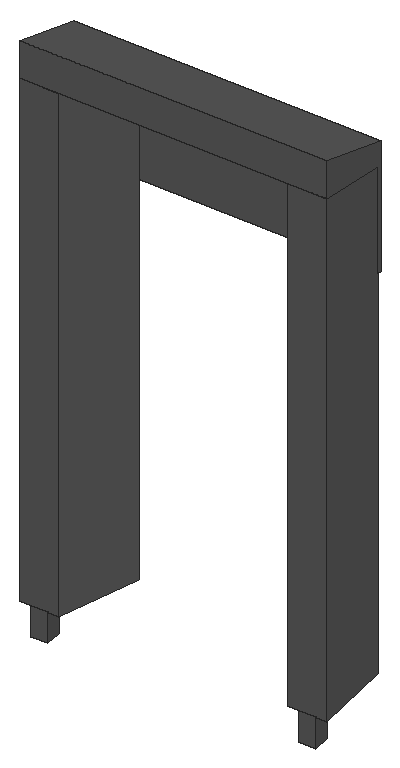
Revit family "Dock-Seal_Perma-Tech_FIREguard-F-Curtain", category Generic Models, host Wall, Revit 2026
Family settings
  Host = Wall
  Can host rebar = No
  Round Connector Dimension = Use Diameter
  Part Type = Normal
  Always vertical = Yes
  Cut with Voids When Loaded = Yes
  Maintain Annotation Orientation = No
  Shared = No
  Room Calculation Point = No
Parameters (values of type "FIREguard F-Curtain")
  Width At Rear = 7"
  Unit Width = 55"
  Unit Height = 90"
  URL = "https://www.permatechinc.com/"
  Type Comments = ""
  Proj. At Top = 12"
  Specification = "https://www.permatechinc.com/catalog/p-100012/fireguard-dock-seal"
  Product Info = "https://www.arcat.com/arcatcos/cos51/arc51419.html"
  Outside Proj. = 11 1/2"
  Opening Width = Unit Width - 3.93701"  # 51.06299"
  Product Page URL = "https://www.permatechinc.com/catalog"
  Product Documentation Link = "https://www.permatechinc.com/documents/dock-seals/FIREGUARD-F-CURTAIN-SPEC-SHT.pdf"
  Opening Height = Unit Height - 6"  # 84"
  Model = "Perma FIREguard Dock Seal"
  Manufacturer = " Perma Tech Inc."  # constant formula
  Keynote = ""
  Description = ""
  Default Elevation = 0"
  Curtain Length = 67"
  Curtain Drop = 23"
  Width At Face = 12"
  Cover = Cover Black
  Cost = 0
  Copyright = "2021 Perma Tech Inc."  # constant formula
  Proj. At Bottom = Proj. At Top  # 12"
  Assembly Code = ""
  Arcat Spec = "https://www.arcat.com/company/perma-tech--inc-51419/spec"
Reference planes (in)
  plane 1: y = 0
  plane 2 "Center (Left/Right)": x = -0.32239
  plane 3 "Right": x = 25.20911
  plane 4 "Left": x = -25.85388
  plane 5 "Top": z = 90
  plane 6: x = 27.17761
  plane 7: x = -27.82239
  plane 8: x = 15.17761
  plane 9: x = -15.82239
  plane 10: z = 84
  plane 11: z = 0
  plane 12: z = -5
  plane 13 "2": z = 88
  plane 14: y = 14.45276
  plane 15: y = 14.95276
  plane 16: z = 67
  plane 17: x = 20.17761
  plane 18: x = -20.82239
  plane 19: y = 14.45276
  plane 20 "3": x = 22.20911
  plane 21 "4": x = -22.85388
  plane 22: y = 5.95276
  plane 23: z = 2.75
Forms (in)
  Extrusion 1, solid, material "Cover Black" <- "Cover"
    sketch origin (15.17761, 11.95276, 19.68504) x (1, 0, 0) y (0, 0, -1)
      loop
        line (12, -47.31496) -> (-43, -47.31496) -> (-43, -68.31496) -> (12, -68.31496) -> (12, -47.31496)
    from 2.5 to 3
  Extrusion 2, solid, material "Cover Black" <- "Cover"
    sketch origin (46.20421, 9, 0) x (1, 0, 0) y (0, 1, 0)
      loop
        line (-19.02659, 5.45276) -> (-31.02659, 5.45276) -> (-26.02659, -6.04724) -> (-19.02659, -6.04724) -> (-19.02659, 5.45276)
    from 0 to 84
  Extrusion 3, solid, material "Cover Black" <- "Cover"
    sketch origin (46.20421, 9, 0) x (1, 0, 0) y (0, 1, 0)
      loop
        line (-74.02659, 5.45276) -> (-74.02659, -6.04724) -> (-67.02659, -6.04724) -> (-62.02659, 5.45276) -> (-74.02659, 5.45276)
    from 0 to 84
  Extrusion 4, solid, material "Cover Black" <- "Cover"
    sketch origin (25.20911, 0, 0) x (0, 1, 0) y (0, 0, 1)
      loop
        line (2.95276, 84) -> (14.45276, 84) -> (14.45276, 88) -> (14.95276, 88) -> (2.95276, 90) -> (2.95276, 84)
    from -53.0315 to 1.9685
  Blend 5, solid, material "Cover Black" <- "Cover"
    base sketch origin (-60, 2.95276, 0) x (-1, 0, 0) y (0, 0, 1)
      loop
        line (-85.20911, 0) -> (-85.20911, -5) -> (-82.20911, -5) -> (-82.20911, 0) -> (-85.20911, 0)
    top sketch origin (-60, 2.95276, 0) x (-1, 0, 0) y (0, 0, 1)
      loop
        line (-84.70911, 0) -> (-84.70911, -5) -> (-82.70911, -5) -> (-82.70911, 0) -> (-84.70911, 0)
    from 0 to 3
  Blend 6, solid, material "Cover Black" <- "Cover"
    base sketch origin (-60, 2.95276, 0) x (-1, 0, 0) y (0, 0, 1)
      loop
        line (-37.14612, -5) -> (-34.14612, -5) -> (-34.14612, 0) -> (-37.14612, 0) -> (-37.14612, -5)
    top sketch origin (-60, 2.95276, 0) x (-1, 0, 0) y (0, 0, 1)
      loop
        line (-36.64612, 0) -> (-36.64612, -5) -> (-34.64612, -5) -> (-34.64612, 0) -> (-36.64612, 0)
    from 0 to 3
  Extrusion 7, void
    sketch origin (25.20911, 0, 0) x (0, -1, 0) y (0, 0, 1)
      loop
        line (-14.95276, 2.75) -> (-14.95276, 0) -> (-2.95276, 0) -> (-14.95276, 2.75)
    from -1.9685 to 53.0315
Cuts and joins
  joined: Extrusion 1, Extrusion 4
  Extrusion 7 cuts Extrusion 2
  Extrusion 7 cuts Blend 5
  Extrusion 7 cuts Extrusion 3
Lines and regions (in)
  Opening 1
    outline origin (-60, -2.95276, 0) x (1, 0, 0) y (0, 0, 1)
      loop
        line (85.20911, 84) -> (34.14612, 84) -> (34.14612, 0) -> (85.20911, 0) -> (85.20911, 84)
Text (in)
  text "Placement Side" at (0, 40.15149, 123.01588), in view "Right"
Dimensions and locks (in)
  equal spacing: plane 4 "Left", plane 2 "Center (Left/Right)", plane 3 "Right"
  "Opening Width": plane 4 "Left" to plane 3 "Right"
  "Unit Width": plane 7 to plane 6
  equal spacing: plane 7, plane 2 "Center (Left/Right)", plane 6
  "Unit Height": plane 11 to plane 5 "Top"
  locked: plane 12 to plane 11 at 5
  locked: plane 13 "2" to plane 5 "Top" at 2
  "Width At Face": plane 8 to plane 6
  "Width At Face": plane 7 to plane 9
  "Proj. At Top": plane 15 to host wall
  locked: nested 2 to plane 5 "Top" at 8
  "Opening Height": plane 11 to plane 10
  "Width At Rear": plane 17 to plane 6
  "Width At Rear": plane 7 to plane 18
  locked: plane 19 to plane 15 at 0.5
  "Outside Proj.": host wall to plane 14
  locked: plane 3 "Right" to plane 20 "3" at 3
  locked: plane 21 "4" to plane 4 "Left" at 3
  locked: plane 22 to host wall at 3
  "Curtain Length": plane 11 to plane 16
  locked: plane 23 to plane 11 at 2.75
  aligned and locked: plane 3 "Right" to Opening 1 sketch curve
  aligned and locked: Opening 1 sketch curve to plane 4 "Left"
  aligned and locked: plane 2 "Center (Left/Right)" to nested 1
  aligned and locked: host wall to nested 1
  aligned and locked: nested 1 to host wall
  aligned and locked: Opening 1 sketch curve to plane 11
  aligned and locked: plane 10 to Opening 1 sketch curve
  aligned and locked: Extrusion 1 sketch curve to plane 16
  aligned and locked: Extrusion 1 sketch curve to plane 7
  aligned and locked: Extrusion 1 sketch curve to plane 6
  aligned and locked: plane 6 to Extrusion 2 sketch curve
  aligned and locked: host wall to Extrusion 2 sketch curve
  aligned and locked: plane 14 to Extrusion 2 sketch curve  (x2)
  aligned and locked: Extrusion 2 to level
  aligned and locked: Extrusion 3 sketch curve to plane 7
  aligned and locked: host wall to Extrusion 3 sketch curve  (x2)
  aligned and locked: plane 18 to Extrusion 3 sketch curve
  aligned and locked: plane 7 to Extrusion 3 sketch curve
  aligned and locked: Extrusion 3 to Extrusion 4
  aligned and locked: Extrusion 2 to Extrusion 4
  aligned and locked: Blend 5 sketch curve to plane 11  (x2)
  aligned and locked: Blend 5 sketch curve to plane 3 "Right"
  aligned and locked: Blend 5 sketch curve to plane 20 "3"
  aligned and locked: Blend 5 sketch curve to plane 12  (x2)
  aligned and locked: Blend 5 to plane 22
  aligned and locked: Blend 6 sketch curve to plane 21 "4"
  aligned and locked: Blend 6 sketch curve to plane 4 "Left"
  aligned and locked: Blend 6 sketch curve to plane 12  (x2)
  aligned and locked: Blend 6 sketch curve to plane 11  (x2)
  aligned and locked: Blend 5 to host wall
  aligned and locked: plane 22 to Blend 5
  aligned and locked: Blend 6 to host wall
  aligned and locked: Blend 6 to plane 22
  aligned and locked: plane 10 to Extrusion 3
  aligned and locked: plane 10 to Extrusion 2
  aligned and locked: Extrusion 7 sketch curve to plane 15
  aligned and locked: plane 11 to Extrusion 7 sketch curve  (x2)
  aligned and locked: plane 15 to Extrusion 7 sketch curve
  aligned and locked: plane 23 to Extrusion 7 sketch curve
  aligned and locked: Extrusion 3 to Extrusion 7 sketch curve
  aligned and locked: plane 6 to Extrusion 7
  aligned and locked: Extrusion 7 to plane 7
  aligned and locked: plane 8 to Extrusion 2 sketch curve
  aligned and locked: plane 14 to Extrusion 3 sketch curve  (x2)
  aligned and locked: plane 9 to Extrusion 3 sketch curve
  aligned and locked: Extrusion 1 sketch curve to plane 13 "2"
  aligned and locked: plane 13 "2" to Extrusion 4 sketch curve  (x2)
  aligned and locked: host wall to Extrusion 4 sketch curve
  aligned and locked: plane 10 to Extrusion 4 sketch curve  (x2)
  aligned and locked: nested 2 to plane 2 "Center (Left/Right)"
  aligned and locked: cut or joined group of Extrusion 1, Extrusion 4 to plane 15
  aligned and locked: plane 15 to nested 2
  aligned and locked: plane 19 to cut or joined group of Extrusion 1, Extrusion 4
  aligned and locked: plane 19 to Extrusion 4 sketch curve
Automatic sketch dimensions
  Blend 5 sketch curve to plane 3 "Right" = 1/2"
  plane 20 "3" to Blend 5 sketch curve = 1/2"
  Blend 6 sketch curve to plane 21 "4" = 1/2"
  plane 4 "Left" to Blend 6 sketch curve = 1/2"
  Extrusion 2 sketch curve to plane 17 = 0"
  plane 5 "Top" to Extrusion 4 sketch curve = 0"
  Extrusion 4 sketch curve to plane 15 = 0"
Nested families (in)
  nested 1: "Opening-Mask" at (-0.32239, 0, 0), type "Opening-Mask"
    with Depth 5.90551", Width 51.06299"
  nested 2: "Logo" at (-0.32239, 14.95276, 82) x (-1, 0, 0) z (0, 1, 0), type "Logo"
Definition of nested family "Logo"
  Parameters (values of type "Logo")
    Default Elevation = 48"
  Reference planes (in)
    plane 1 "Center (Front/Back)": y = 0
    plane 2: z = 0
    plane 3 "Center (Left/Right)": x = 0
    plane 4: x = -3
    plane 5: x = 3
  Forms (in)
    Extrusion 1, solid
      sketch origin (0, 0, 0) x (1, 0, 0) y (0, 1, 0)
        loop
          line (-48, 48) -> (-48, -48) -> (48, -48) -> (48, 48) -> (-48, 48)
      from 0 to -12
    Extrusion 2, solid
      sketch origin (0, 0, 0) x (1, 0, 0) y (0, 1, 0)
        loop
          spline (-2.59837, 0) -> (-2.50983, -0.38823) -> (-2.25025, -0.75) -> (-1.83732, -1.06066) -> (-1.29918, -1.29904) -> (-0.67251, -1.44889) -> (0, -1.5) -> (0.67251, -1.44889) -> (1.29918, -1.29904) -> (1.83732, -1.06066) -> (2.25025, -0.75) -> (2.50983, -0.38823) -> (2.59837, 0)
          spline (2.59837, 0) -> (2.50983, 0.38823) -> (2.25025, 0.75) -> (1.83732, 1.06066) -> (1.29918, 1.29904) -> (0.67251, 1.44889) -> (0, 1.5) -> (-0.67251, 1.44889) -> (-1.29918, 1.29904) -> (-1.83732, 1.06066) -> (-2.25025, 0.75) -> (-2.50983, 0.38823) -> (-2.59837, 0)
        loop
          spline (-1.86168, 0) -> (-1.79824, -0.33972) -> (-1.61226, -0.65628) -> (-1.3164, -0.92813) -> (-0.93084, -1.13672) -> (-0.48184, -1.26784) -> (0, -1.31257) -> (0.48184, -1.26784) -> (0.93084, -1.13672) -> (1.3164, -0.92813) -> (1.61226, -0.65628) -> (1.79824, -0.33972) -> (1.86168, 0)
          spline (1.86168, 0) -> (1.79824, 0.33972) -> (1.61226, 0.65628) -> (1.3164, 0.92813) -> (0.93084, 1.13672) -> (0.48184, 1.26784) -> (0, 1.31257) -> (-0.48184, 1.26784) -> (-0.93084, 1.13672) -> (-1.3164, 0.92813) -> (-1.61226, 0.65628) -> (-1.79824, 0.33972) -> (-1.86168, 0)
        loop
          line (0.11555, 1.02637) -> (0, 0.75)
          arc (0, 0.75) -> (0.35789, 0.18603) -> (-0.04804, -0.34442) r 0.58354
          line (-0.04804, -0.34442) -> (0.02512, -0.67434)
          arc (0.02512, -0.67434) -> (0.87667, 0.13314) -> (0.11555, 1.02637) r 0.85276
        loop
          arc (0, 1.03081) -> (-0.52188, 0.99112) -> (-1.02413, 0.84389) r 2.50576
          arc (-1.02413, 0.84389) -> (-0.77488, -0.04704) -> (-0.96128, -0.95321) r 1.96343
          arc (-0.96128, -0.95321) -> (-0.43975, -1.13998) -> (0.11416, -1.14752) r 1.68485
          arc (0.11416, -1.14752) -> (-0.20192, -0.07193) -> (0, 1.03081) r 2.42296
      from 0 to 0.01471
  Dimensions and locks (in)
    aligned and locked: plane 2 to Extrusion 1
    aligned and locked: level to Extrusion 1
Definition of nested family "Opening-Mask"
  Parameters
    Width = 36"
    Depth [instance] = 8"
  Reference planes (in)
    plane 1 "Center (Front/Back)": y = 0
    plane 2: z = 0
    plane 3 "Center (Left/Right)": x = 0
    plane 4: x = -18
    plane 5: x = 18
    plane 6: y = 4
    plane 7: y = -4
  Lines and regions (in)
    Masking region 1, in view "Ref. Level"
      outline origin (0, 0, 0) x (1, 0, 0) y (0, 1, 0)
        loop
          line (-18, 4) -> (-18, -4) -> (18, -4) -> (18, 4) -> (-18, 4)
  Dimensions and locks (in)
    "Width": plane 4 to plane 5
    "Depth": plane 6 to plane 7
    equal spacing: plane 6, plane 1 "Center (Front/Back)", plane 7
    equal spacing: plane 4, plane 3 "Center (Left/Right)", plane 5
    aligned and locked: Masking region 1 sketch curve to plane 5
    aligned and locked: plane 4 to Masking region 1 sketch curve
    aligned and locked: plane 7 to Masking region 1 sketch curve
    aligned and locked: Masking region 1 sketch curve to plane 6
  Automatic sketch dimensions
    Masking region 1 sketch curve to plane 6 = 0"
